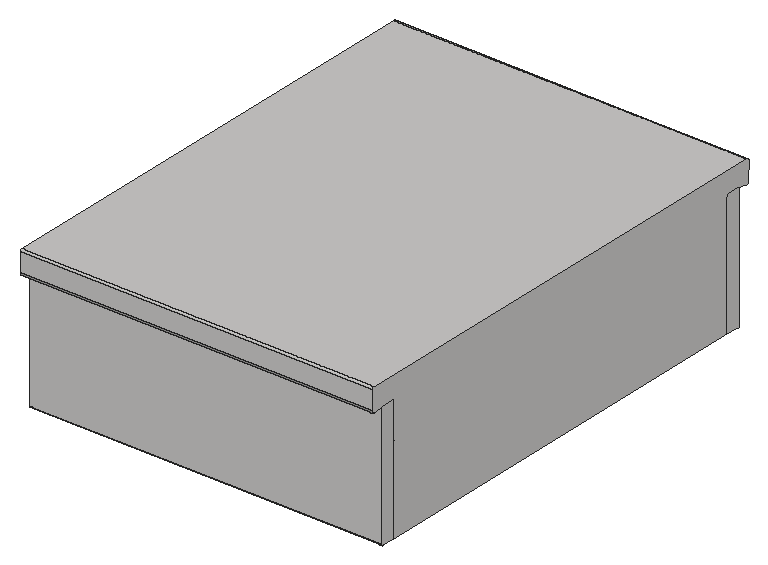
Revit family "QF_ELECTROLUXPROFESSIONAL_588112_MANABAFOOO", category Specialty Equipment, Revit 2018
Family settings
  Round Connector Dimension = Use Diameter
  Part Type = Normal
  Work Plane-Based = No
  Always vertical = Yes
  Cut with Voids When Loaded = No
  Shared = No
  Room Calculation Point = No
Parameters
  Weight in Pounds = 33.06
  URL Cutsheet = "www.electrolux.com/professional"
  URL = "www.electrolux.com/professional"
  Type Mark [instance] = ""
  Status [instance] = ""
  Specification by User [instance] = ""
  Specification by Manufacturer = ""
  Serial Number = ""
  Seismic Rating = ""
  SMACNA No = ""
  Revision Code [instance] = ""
  Omniclass Number and Title = ""
  NAFEM Spec ID Number = ""
  Model = "588112"
  Masterspec = ""
  Manufacturer = "ELECTROLUX"
  Item Number [instance] = ""
  Installed By [instance] = ""
  Identify Quantity as Lot [instance] = yes
  Furnished By [instance] = ""
  Foodservice Equipment Identifier [instance] = yes
  Direct Waste Size = 0"
  Description = "CLOSED WORK TOP,1-SIDE,600X800X250H"
  CSI MasterFormat = ""
  CSI Master Format = ""
Reference planes
  plane 1 "BACK": y = 0
  plane 2: z = 0
  plane 3 "LEFT": x = 0
  plane 4 "RIGHT": x = 600
  plane 5 "FRONT": y = -800
  plane 6 "TOP": z = 250
  plane 7 "Center Y": x = 300
  plane 8 "Center X": y = -400
Forms (mm)
  Extrusion 1, solid, material "QF_Finishes_Stainless Steel"
    sketch origin (0, 50.048, 0) x (0, 1, 0) y (0, 0, 1)
      loop
        line (-95.048, 213) -> (-71.412, 213) -> (-54.743, 210.061)
        arc (-54.743, 210.061) -> (-51.477, 210.936) -> (-50.048, 214) r 4
        line (-50.048, 214) -> (-50.048, 246)
        arc (-50.048, 246) -> (-51.22, 248.828) -> (-54.048, 250) r 4
        line (-54.048, 250) -> (-846.048, 250)
        arc (-846.048, 250) -> (-848.877, 248.828) -> (-850.048, 246) r 4
        line (-850.048, 246) -> (-850.048, 214)
        arc (-850.048, 214) -> (-848.619, 210.936) -> (-845.353, 210.061) r 4
        line (-845.353, 210.061) -> (-828.509, 213) -> (-805.048, 213) -> (-805.048, 0) -> (-95.048, 0) -> (-95.048, 213)
    from 0 to 600
  Extrusion 2, solid, material "QF_Finishes_Stainless Steel"
    sketch origin (0, 50.048, 0) x (0, 1, 0) y (0, 0, 1)
      loop
        arc (-828.048, 213) -> (-829.462, 212.414) -> (-830.048, 211) r 2
        line (-830.048, 211) -> (-830.048, 2)
        arc (-830.048, 2) -> (-829.462, 0.586) -> (-828.048, 0) r 2
        line (-828.048, 0) -> (-805.048, 0) -> (-805.048, 213) -> (-828.048, 213)
      loop
        line (-72.048, 213) -> (-95.048, 213) -> (-95.048, 0) -> (-72.048, 0)
        arc (-72.048, 0) -> (-70.634, 0.586) -> (-70.048, 2) r 2
        line (-70.048, 2) -> (-70.048, 211)
        arc (-70.048, 211) -> (-70.634, 212.414) -> (-72.048, 213) r 2
    from 0 to 600
Lines and regions (mm)
  symbolic lines
    curve 1: line (0, 0, 0) -> (600, 0, 0)
    curve 2: line (0, -800, 0) -> (0, 0, 0)
    curve 3: line (600, -800, 0) -> (0, -800, 0)
    curve 4: line (600, 0, 0) -> (600, -800, 0)
Dimensions and locks
  equal spacing: plane 3 "LEFT", plane 7 "Center Y", plane 4 "RIGHT"
  plane 3 "LEFT" to plane 4 "RIGHT" = 600.00 mm
  equal spacing: plane 5 "FRONT", plane 8 "Center X", plane 1 "BACK"
  plane 5 "FRONT" to plane 1 "BACK" = 800.00 mm
  plane 6 "TOP" to level = 250.00 mm
  aligned and locked: level to plane 2
  aligned and locked: Extrusion 1 to plane 4 "RIGHT"
  aligned and locked: Extrusion 2 to plane 4 "RIGHT"
Automatic sketch dimensions
  Extrusion 1 sketch curve to plane 6 "TOP" = 0.00 mm
  Extrusion 1 sketch curve to level = 0.00 mm
  Extrusion 1 sketch curve to plane 6 "TOP" = 36.00 mm
  plane 5 "FRONT" to Extrusion 1 sketch curve = 0.00 mm
  Extrusion 1 sketch curve to plane 6 "TOP" = 39.939 mm
  Extrusion 1 sketch curve to Extrusion 1 sketch curve = 4.00 mm
  Extrusion 1 sketch curve to Extrusion 1 sketch curve = 4.695 mm  (x2)
  Extrusion 1 sketch curve to Extrusion 1 sketch curve = 16.844 mm
  Extrusion 1 sketch curve to plane 5 "FRONT" = 45.00 mm
  plane 1 "BACK" to Extrusion 1 sketch curve = 45.00 mm
  Extrusion 1 sketch curve to Extrusion 1 sketch curve = 23.636 mm
  Extrusion 1 sketch curve to Extrusion 1 sketch curve = 17.364 mm
  Extrusion 1 sketch curve to Extrusion 1 sketch curve = 21.364 mm
  Extrusion 1 sketch curve to Extrusion 1 sketch curve = 0.00 mm  (x2)
  Extrusion 1 sketch curve to Extrusion 1 sketch curve = 0.695 mm
  Extrusion 1 sketch curve to plane 6 "TOP" = 37.00 mm  (x2)
  Extrusion 1 sketch curve to Extrusion 1 sketch curve = 1.00 mm
  Extrusion 2 sketch curve to level = 0.00 mm  (x2)
  level to Extrusion 2 sketch curve = 2.00 mm  (x2)
  Extrusion 2 sketch curve to plane 5 "FRONT" = 20.00 mm
  Extrusion 2 sketch curve to Extrusion 2 sketch curve = 2.00 mm
  Extrusion 2 sketch curve to Extrusion 2 sketch curve = 23.00 mm
  plane 1 "BACK" to Extrusion 2 sketch curve = 45.00 mm
  plane 1 "BACK" to Extrusion 2 sketch curve = 22.00 mm  (x2)
  Extrusion 2 sketch curve to plane 6 "TOP" = 39.00 mm  (x2)
  curve 3 to plane 3 "LEFT" = 0.00 mm
  curve 3 to plane 4 "RIGHT" = 0.00 mm
  plane 1 "BACK" to curve 2 = 0.00 mm
  curve 4 to plane 5 "FRONT" = 0.00 mm
